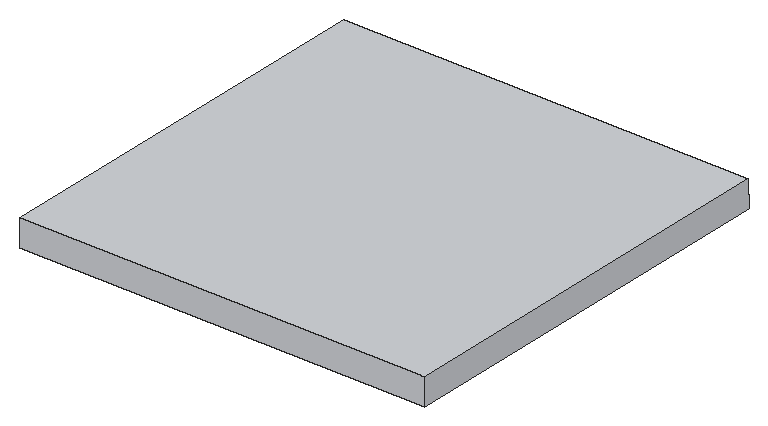
Revit family "1224_ TUPEX ELECTRIC_US", category Lighting Fixtures, host Face, Revit 2016
Family settings
  Host = Face
  Part Type = Normal
  Round Connector Dimension = Use Diameter
  Cut with Voids When Loaded = No
  Light Source = Yes
  Shared = No
  Room Calculation Point = Yes
Parameters
  width = 600 mm
  volt = 220 V
  length = 600 mm
  depth = 20 mm
  Wattage = 38 W
  built-in parameter 1150110 = 1 (stored number, unit not read)
  built-in parameter 1114217 = 1 (stored number, unit not read)
  Tilt Angle = 60.00°
  built-in parameter 1150109 = 1 (stored number, unit not read)
  built-in parameter 1150134 = 3
  built-in parameter 1150113 = 1 (stored number, unit not read)
  Photometric Web File = "1224.IES"
  built-in parameter 1150105 = 305.42 (stored number, unit not read)
  Lumens = 3838 lm
  built-in parameter 1150115 = 1 (stored number, unit not read)
  built-in parameter 1150137 = (empty or 0)
  built-in parameter 1150139 = (empty or 0)
  built-in parameter 1150112 = 1 (stored number, unit not read)
  built-in parameter 1150114 = 1 (stored number, unit not read)
  built-in parameter 1150132 = (empty or 0)
  built-in parameter 1150102 = (empty or 0)
  built-in parameter 1150107 = 3200 (stored number, unit not read)
  built-in parameter 1150138 = (empty or 0)
  built-in parameter 1150106 = 3.0542 (stored number, unit not read)
  built-in parameter 1150104 = 9.3832 (stored number, unit not read)
  Dimming Lamp Color Temperature Shift = (empty or 0)
  Default Elevation = 1219.2 mm
  Color Filter = 16777215
  built-in parameter 1114218 = 1 (stored number, unit not read)
  built-in parameter 1150133 = 10 (stored number, unit not read)
Reference planes
  plane 1 "Center (Front/Back)": y = 0
  plane 2: z = 0
  plane 3 "Center (Left/Right)": x = 0
  plane 4: x = 600
  plane 5: y = -600
  plane 6: z = 20
  plane 7: z = -20
  plane 8: y = -300
  plane 9: x = 300
Forms (mm)
  Extrusion 1, solid
    sketch origin (0, 0, 0) x (1, 0, 0) y (0, 0, 1)
      loop
        line (600, 20) -> (0, 20) -> (0, -20) -> (600, -20) -> (600, 20)
    from 0 to 600
Dimensions and locks
  "width": plane 3 "Center (Left/Right)" to plane 4
  "length": plane 5 to plane 1 "Center (Front/Back)"
  "depth": level to plane 6
  plane 7 to level = 20 mm
  aligned and locked: plane 2 to host face
  aligned and locked: level to host face
Automatic sketch dimensions
  host sketch curve to host sketch curve = 2438.4 mm  (x2)
  Extrusion 1 sketch curve to plane 6 = 0 mm
  Extrusion 1 sketch curve to plane 7 = 0 mm
  Extrusion 1 sketch curve to plane 3 "Center (Left/Right)" = 0 mm
  Extrusion 1 sketch curve to plane 4 = 0 mm
Connectors
  electrical at (300, -300, 20), driven by "volt"
    settings: on Extrusion 1, index 1, voltage 220 V, apparent load 0 VA, apparent load phase1 36 VA, apparent load phase2 0 VA, apparent load phase3 0 VA, power factor 1, load classification "Lighting", number of poles 1, system type 31, power factor state 1, is connector primary yes, connector utility no, sub classification motor no, connector description ""
